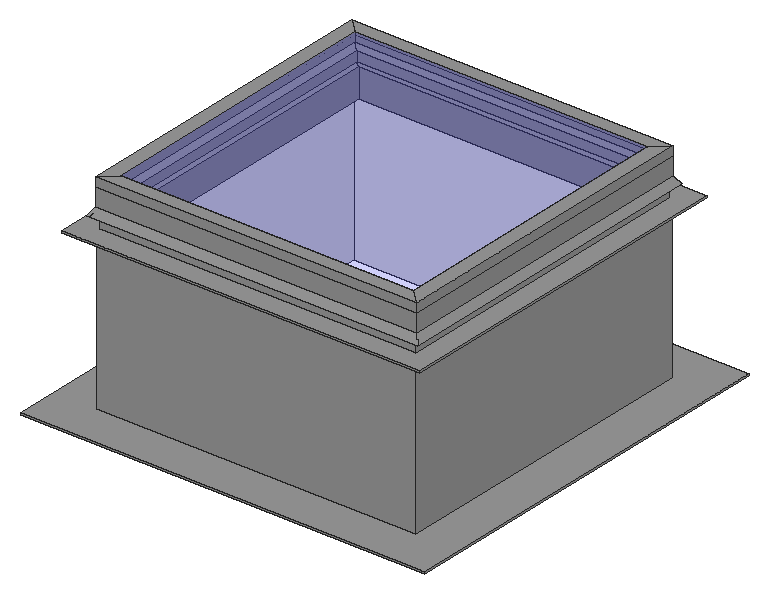
Revit family "BRU_ЛюкНебоскреб", category Обобщенные модели, Revit 2021
Family settings
  Основа = Перекрытие
  Может служить основой для арматурных стержней = Нет
  Размер круглого соединителя = Использовать диаметр
  Тип детали = Нормальный
  Всегда вертикально = Да
  При загрузке вырезать с полостями = Нет
  Общий = Нет
  Точка принадлежности помещению = Нет
Parameters (values of type "900х900")
  Ширина = 900 mm
  Правое открывание = yes
  Отметка по умолчанию = 0 mm
  Материал переплета = Сталь, окрашенная, слоновая кость, матовая
  Материал оконного стекла = Стекло
  Материал каркаса = Сталь, окрашенная, слоновая кость, матовая
  Длина = 900 mm
  Группа модели = "Люк глухой металлический для выхода на кровлю"
  Глубина [instance] = 150 mm
  Аннотация [instance] = 1240 mm
  ADSK_Размер_Ширина = Ширина  # 900 mm
  ADSK_Размер_Длина = Длина  # 900 mm
  ADSK_Предел огнестойкости = "EI 30"
  ADSK_Открывание = "Правое"
  ADSK_Материал = none
Types (2, lengths in mm): name | Ширина | Длина | Группа модели | ADSK_Размер_Ширина | ADSK_Размер_Длина | ADSK_Предел огнестойкости
  850х2470 | 850 | 2470 | 0 | 850 | 2470 | ""
  900х900 | 900 | 900 | "Люк глухой металлический для выхода на кровлю" | 900 | 900 | "EI 30"
Reference planes
  plane 1 "По центру (Вперед/Назад)": y = 0
  plane 2: z = 0
  plane 3 "По центру (Влево/Вправо)": x = 0
  plane 4 "Низ перекрытия": z = -300
  plane 5 "верх": y = 450
  plane 6 "лево": x = -450
  plane 7 "право": x = 450
  plane 8 "низ": y = -450
  plane 9: z = -1540
  plane 10 "Сдвиг": z = 150
  plane 11: z = 155
  plane 12: z = 260
Forms (mm)
  Sweep 1, solid, material "Сталь, окрашенная, слоновая кость, матовая" <- "Материал каркаса"
    path origin (1233.094, 4.382, -260) x (-1, 0, 0) y (0, -1, 0)
      loop
        line (1678.094, 449.382) -> (788.094, 449.382) -> (788.094, -440.618) -> (1678.094, -440.618) -> (1678.094, 449.382)
    profile origin (0, 0, 3810) x (0, 1, 0) y (0, 0, 1)
      loop
        line (-365, -3655) -> (-365, -3575.4) -> (-384.05, -3575.4) -> (-384.05, -3550) -> (-445, -3550) -> (-445, -3655) -> (-365, -3655)
  Sweep 2, solid, material "Сталь, окрашенная, слоновая кость, матовая" <- "Материал переплета"
    path origin (1233.094, 4.382, -10) x (-1, 0, 0) y (0, -1, 0)
      loop
        line (1678.094, -440.618) -> (1678.094, 449.382) -> (788.094, 449.382) -> (788.094, -440.618) -> (1678.094, -440.618)
    profile origin (0, 0, 3810) x (0, 1, 0) y (0, 0, 1)
      loop
        line (413.25, -3550) -> (438.65, -3550) -> (445, -3550) -> (445, -3602.402) -> (460.717, -3624.849) -> (465.919, -3621.206) -> (451.35, -3600.4) -> (451.35, -3549.6) -> (451.35, -3524.2) -> (413.25, -3524.2) -> (413.25, -3550)
  Extrusion 3, solid, material "Стекло" <- "Материал оконного стекла"
    sketch origin (-413.25, -413.25, 285.8) x (0, 1, 0) y (-1, 0, 0)
      loop
        line (0, 0) -> (0, -826.5) -> (826.5, -826.5) -> (826.5, 0) -> (0, 0)
    from 0 to -6.35
  Sweep 4, solid, material "Сталь, окрашенная, слоновая кость, матовая" <- "Материал каркаса"
    path origin (1233.094, 4.382, -295) x (-1, 0, 0) y (0, -1, 0)
      loop
        line (1678.094, -440.618) -> (1678.094, 449.382) -> (788.094, 449.382) -> (788.094, -440.618) -> (1678.094, -440.618)
    profile origin (0, 445, -295) x (0, 1, 0) y (0, 0, 1)
      loop
        line (0, -10) -> (125, -10) -> (125, -5) -> (5, -5) -> (5, 445) -> (60, 445) -> (60, 450) -> (0, 450) -> (0, -10)
  Sweep 5, solid, material "Штукатурка"
    path origin (1233.094, 4.382, -220) x (-1, 0, 0) y (0, -1, 0)
      loop
        line (1678.094, -440.618) -> (1678.094, 449.382) -> (788.094, 449.382) -> (788.094, -440.618) -> (1678.094, -440.618)
    profile origin (0, 445, -220) x (0, 1, 0) y (0, 0, 1)
      loop
        line (-20, 370) -> (-20, -80) -> (0, -80) -> (0, 370) -> (-20, 370)
Lines and regions (mm)
  Opening 1
    outline origin (2575.822, 1990.403, 0) x (0, 1, 0) y (-1, 0, 0)
      loop
        line (-1540.403, 3025.822) -> (-2440.403, 3025.822) -> (-2440.403, 2125.822) -> (-1540.403, 2125.822) -> (-1540.403, 3025.822)
  model lines
    curve 1: line (-450, 450, -1540) -> (450, 450, -1540)
    curve 2: line (-450, -450, -1540) -> (-450, 450, -1540)
    curve 3: line (450, -450, -1540) -> (-450, -450, -1540)
    curve 4: line (450, 450, -1540) -> (450, -450, -1540)
    curve 5: line (450, 450, -1540) -> (-450, -450, -1540)
    curve 6: line (-450, 450, -1540) -> (450, -450, -1540)
Dimensions and locks
  locked: Sweep 4 sketch curve to Sweep 4 sketch curve at 5  (x2)
  "Аннотация": plane 4 "Низ перекрытия" to plane 9
  "Глубина": plane 10 "Сдвиг" to plane 2
  locked: plane 11 to plane 10 "Сдвиг" at 5
  locked: plane 11 to plane 12 at 105
  "Длина": plane 6 "лево" to plane 7 "право"
  "Ширина": plane 5 "верх" to plane 8 "низ"
  equal spacing: plane 5 "верх", plane 1 "По центру (Вперед/Назад)", plane 8 "низ"
  equal spacing: plane 6 "лево", plane 3 "По центру (Влево/Вправо)", plane 7 "право"
  aligned and locked: level to plane 2
  aligned and locked: Sweep 4 to Sweep 5 sketch curve
  aligned and locked: Extrusion 3 sketch curve to Sweep 2  (x4)
  aligned and locked: plane 4 "Низ перекрытия" to host floor
  aligned and locked: plane 5 "верх" to Sweep 4
  aligned and locked: plane 6 "лево" to Sweep 4
  aligned and locked: plane 8 "низ" to Sweep 4
  aligned and locked: plane 7 "право" to Sweep 4
  aligned and locked: curve 1 to plane 5 "верх"
  aligned and locked: plane 6 "лево" to curve 2
  aligned and locked: curve 3 to plane 8 "низ"
  aligned and locked: curve 4 to plane 7 "право"
  aligned and locked: Opening 1 sketch curve to plane 7 "право"
  aligned and locked: Opening 1 sketch curve to plane 8 "низ"
  aligned and locked: Opening 1 sketch curve to plane 5 "верх"
  aligned and locked: plane 6 "лево" to Opening 1 sketch curve
  aligned and locked: Sweep 5 sketch curve to Sweep 4
  aligned and locked: plane 4 "Низ перекрытия" to Sweep 4 sketch curve
  aligned and locked: Sweep 4 sketch curve to plane 10 "Сдвиг"
  aligned and locked: plane 11 to Sweep 1 sketch curve
  aligned and locked: Sweep 2 sketch curve to plane 12
  aligned and locked: Sweep 5 sketch curve to plane 10 "Сдвиг"
Automatic sketch dimensions
  Sweep 1 sketch curve to plane 7 "право" = 5 mm
  plane 6 "лево" to Sweep 1 sketch curve = 5 mm
  Sweep 1 sketch curve to plane 5 "верх" = 5 mm
  Sweep 1 sketch curve to plane 8 "низ" = 5 mm
  Sweep 1 sketch curve to profile plane = 0 mm
  Sweep 1 sketch curve to Sweep 1 sketch curve = 60.95 mm
  Sweep 1 sketch curve to Sweep 1 sketch curve = 80 mm
  Sweep 1 sketch curve to Sweep 1 sketch curve = 79.6 mm
  Sweep 1 sketch curve to Sweep 1 sketch curve = 25.4 mm
  Sweep 2 sketch curve to plane 7 "право" = 5 mm
  plane 6 "лево" to Sweep 2 sketch curve = 5 mm
  Sweep 2 sketch curve to plane 5 "верх" = 5 mm
  Sweep 2 sketch curve to plane 8 "низ" = 5 mm
  Sweep 2 sketch curve to profile plane = 0 mm
  profile plane to Sweep 2 sketch curve = 6.35 mm
  Sweep 2 sketch curve to Sweep 2 sketch curve = 25.4 mm  (x2)
  Sweep 2 sketch curve to profile plane = 6.35 mm
  Sweep 2 sketch curve to profile plane = 15.717 mm
  Sweep 2 sketch curve to Sweep 2 sketch curve = 5.202 mm
  Sweep 2 sketch curve to Sweep 2 sketch curve = 3.642 mm
  Sweep 2 sketch curve to Sweep 2 sketch curve = 50.4 mm
  Sweep 2 sketch curve to Sweep 2 sketch curve = 0.4 mm
  Sweep 4 sketch curve to plane 7 "право" = 5 mm
  plane 6 "лево" to Sweep 4 sketch curve = 5 mm
  Sweep 4 sketch curve to plane 5 "верх" = 5 mm
  Sweep 4 sketch curve to plane 8 "низ" = 5 mm
  Sweep 5 sketch curve to plane 7 "право" = 5 mm
  plane 6 "лево" to Sweep 5 sketch curve = 5 mm
  Sweep 5 sketch curve to plane 5 "верх" = 5 mm
  Sweep 5 sketch curve to plane 8 "низ" = 5 mm
  Sweep 5 sketch curve to Sweep 5 sketch curve = 20 mm
  Sweep 4 sketch curve to profile plane = 0 mm
  Sweep 4 sketch curve to profile plane = 5 mm
  Sweep 4 sketch curve to Sweep 4 sketch curve = 55 mm
  Sweep 4 sketch curve to Sweep 4 sketch curve = 120 mm
